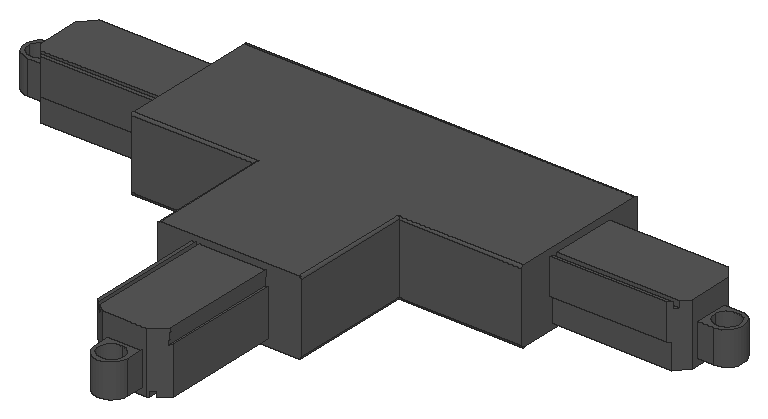
Revit family "Lighting_Other_Nordlux_Link_T-Connector_LeftRight", category Lighting Fixtures, host Face, Revit 2017
Family settings
  Host = Face
  Round Connector Dimension = Use Diameter
  Part Type = Normal
  OmniClass Number = 23.80.70.11.14.21
  OmniClass Title = Spots and Tracklight Specialties
  Cut with Voids When Loaded = No
  Light Source = No
  Shared = No
  Room Calculation Point = No
Parameters (values of type "Link T-connector - black")
  WarrantyStartDate [instance] = "n/a"
  WarrantyGuarantorParts = "n/a"
  WarrantyGuarantorLabor = "n/a"
  WarrantyDurationUnit = "Year"
  WarrantyDurationParts = "n/a"
  WarrantyDurationLabor = "n/a"
  WarrantyDescription = "n/a"
  VersionDate = "30/08/2019"  # constant formula
  Version = "1"  # constant formula
  UsageCurrent = 0 A
  Uniclass2015Reference = "Pr_70_70_48_47"
  Uniclass2015Description = "Lighting tracks"
  Uniclass2 = "Pr_70_70_49_44"
  URL = "https://www.nordlux.com/products/product/86069903"
  Type Comments = ""
  TotalWattage = 660 W
  TagNumber [instance] = "n/a"
  SustainabilityPerformance = "n/a"
  Size = "105x175x18 mm"
  Shape = "Rectangular"
  SerialNumber [instance] = "n/a"
  Revision = "n/a"
  ReplacementCost = "n/a"
  RailMainMaterial = Black
  ProductInformation = "n/a"
  Product data url = "https://www.bimobject.com/nordlux/product/link_t-connector_left-right"
  PhaseReference = "n/a"
  PhaseAngle = 0.00°
  NumberOfSources = 0
  NumberOfPoles = 1
  NominalWidth = 174.9 mm
  NominalVoltage = 230 V
  NominalHeight = 18 mm
  NominalFrequencyRange = 0 Hz
  NominalDepth = 104.6 mm
  NominalCurrent = 0 A
  Name = "Nordlux_Link_T-Connector_LeftRight"
  NBSReference = "90-60-50-430"
  NBSDescription = "Lighting tracks"
  ModelReference = "n/a"
  ModelNumber = ArticleNumber  # "86069903"
  Model = "Link T-connector - black"
  Material = "Plastic"
  ManufacturersSpecificInformation = "n/a"
  ManufacturerURL = "https://www.nordlux.com/"
  ManufacturerName = "Nordlux"
  Manufacturer = "Nordlux"
  MaintenanceFactor = 0
  LightFixturePlacingType = "Ceiling"
  LightFixtureMountingType = "Surface"
  InsulationStandardClass = "Class 1 (Earth contact)"
  InstallationDate [instance] = "n/a"
  IfcExportType = "NOTDEFINED"  # constant formula
  IfcExportAs = "IfcLightFixtureType"  # constant formula
  IP_Code = "IP20"
  HasProtectiveEarth = no
  Grade = "n/a"
  Finish = "n/a"
  Features = "n/a"
  ExpectedLife = "n/a"
  ElectricalDeviceNominalPower = 0 VA
  EAN Number = "5701581402386"
  DurationUnit = "Year"
  Description = ""
  Default Elevation = 0 mm
  ConvergoRefNr = "0143-1909-0040-DK"
  Constituents = "n/a"
  Color = "Black"
  CodePerformance = "n/a"
  Category = "Power strip"
  Brand = "Nordlux"
  Barcode [instance] = "n/a"
  BIMObjectName = "Lighting_Other_Nordlux_Link_T-Connector_LeftRight"
  Author = "Convergo AB"  # constant formula
  AssetType = "Fixed"
  AssetIdentifier [instance] = "n/a"
  Assembly Code = ""
  ArticleNumber = "86069903"
  AccessibilityPerformance = "n/a"
Types (3, lengths in mm): name | URL | RailMainMaterial | ModelNumber | Model | EAN Number | Color | ArticleNumber
  (no name) | "https://www.nordlux.com/products/product/86069903" | Black | "86069903" | "Link T-connector - black" | "5701581402386" | "Black" | "86069903"
  Link T-connector - black | "https://www.nordlux.com/products/product/86069903" | Black | "86069903" | "Link T-connector - black" | "5701581402386" | "Black" | "86069903"
  Link T-connector - white | "https://www.nordlux.com/products/product/86069901" | White | "86069901" | "Link T-connector - white" | "5701581402287" | "White" | "86069901"
Reference planes
  plane 1 "Center (Front/Back)": y = 0
  plane 2: z = 0
  plane 3 "Center (Left/Right)": x = 0
  plane 4: x = -87.45
  plane 5: x = 87.45
  plane 6: y = 52.3
  plane 7: y = -52.3
  plane 8: z = 18
Dimensions and locks
  equal spacing: plane 4, plane 3 "Center (Left/Right)", plane 5
  "NominalWidth": plane 4 to plane 5
  equal spacing: plane 6, plane 1 "Center (Front/Back)", plane 7
  "NominalDepth": plane 6 to plane 7
  "NominalHeight": plane 8 to level
  aligned and locked: plane 2 to host face
  aligned and locked: level to host face
Automatic sketch dimensions
  host sketch curve to host sketch curve = 2438.4 mm  (x2)
Nested families
  nested 1: "T connector" at (0, 0, 0), Main <- "RailMainMaterial", type "T connector"
    with Main Black
Definition of nested family "T connector"
  Parameters (values of type "T connector")
    Main [instance] = none
    Default Elevation = 1219.2 mm
  Reference planes
    plane 1 "Center (Front/Back)": y = 0
    plane 2: z = 0
    plane 3 "Center (Left/Right)": x = 0
    plane 4: z = 18
    plane 5: x = -87.458
    plane 6: x = 87.458
    plane 7: y = 52.3
    plane 8: y = -52.3
  Forms (mm)
    Extrusion 1, solid
      sketch origin (0, 0, 0) x (1, 0, 0) y (0, 1, 0)
        loop
          line (-1219.2, 1219.2) -> (-1219.2, -1219.2) -> (1219.2, -1219.2) -> (1219.2, 1219.2) -> (-1219.2, 1219.2)
      from 0 to -304.8
    Extrusion 2, solid, material <- "Main", detail levels medium+fine
      sketch origin (-10.336, 33.549, 0) x (-1, 0, 0) y (0, -1, 0)
        loop
          line (-86.461, -10.5) -> (-57.834, -10.497) -> (-57.834, 7.997) -> (-86.461, 8) -> (-89.695, 4.146) -> (-89.694, -6.647) -> (-86.461, -10.5)
      from 1.528 to 16.5
    Extrusion 3, solid, material <- "Main", detail levels medium+fine
      sketch origin (-10.336, 33.549, 0) x (-1, 0, 0) y (0, -1, 0)
        loop
          line (-89.694, -5.25) -> (-89.694, 2.75) -> (-93.793, 2.75)
          arc (-93.793, 2.75) -> (-97.792, -1.251) -> (-93.792, -5.25) r 4
          line (-93.792, -5.25) -> (-89.694, -5.25)
        loop
          circle (-93.784, -1.251) r 3.132
      from 3.145 to 11.286
    Extrusion 4, void
      sketch origin (-10.336, 34.849, 0) x (0, 1, 0) y (0, 0, -1)
        loop
          line (8.8, -17) -> (9.863, -17) -> (9.863, -13) -> (8.451, -13) -> (8.8, -17)
        loop
          line (-7.344, -15.034) -> (-8.399, -15.034) -> (-8.399, -17.016) -> (-7.344, -17.016) -> (-7.344, -15.034)
        loop
          line (-8.483, -0.82) -> (-9.957, -0.82) -> (-9.957, -7.78) -> (-8.484, -7.78) -> (-8.483, -0.82)
        loop
          line (6.691, -0.997) -> (5.691, -0.997) -> (5.691, -3.001) -> (6.691, -3.001) -> (6.691, -0.997)
      from -122.051 to 5.256
    Extrusion 5, solid, material <- "Main", detail levels coarse
      sketch origin (0, 34.8, 0) x (1, 0, 0) y (0, 1, 0)
        loop
          line (87.458, 17.5) -> (-87.458, 17.5) -> (-87.458, -87.1) -> (87.458, -87.1) -> (87.458, 17.5)
      from 0 to 18
    Extrusion 6, solid, material <- "Main", detail levels medium+fine
      sketch origin (10.334, 33.549, 0) x (1, 0, 0) y (0, 1, 0)
        loop
          line (-86.461, 10.5) -> (-89.694, 6.647) -> (-89.695, -4.146) -> (-86.461, -8) -> (-57.834, -7.997) -> (-57.834, 10.497) -> (-86.461, 10.5)
      from 1.528 to 16.5
    Extrusion 7, solid, material <- "Main", detail levels medium+fine
      sketch origin (10.334, 33.549, 0) x (1, 0, 0) y (0, 1, 0)
        loop
          line (-89.694, 5.25) -> (-93.792, 5.25)
          arc (-93.792, 5.25) -> (-97.792, 1.251) -> (-93.793, -2.75) r 4
          line (-93.793, -2.75) -> (-89.694, -2.75) -> (-89.694, 5.25)
        loop
          circle (-93.784, 1.251) r 3.132
      from 3.145 to 11.286
    Extrusion 8, void
      sketch origin (10.334, 34.849, 0) x (0, 1, 0) y (0, 0, 1)
        loop
          line (8.8, 17) -> (8.451, 13) -> (9.863, 13) -> (9.863, 17) -> (8.8, 17)
        loop
          line (-7.344, 15.034) -> (-7.344, 17.016) -> (-8.399, 17.016) -> (-8.399, 15.034) -> (-7.344, 15.034)
        loop
          line (-8.483, 0.82) -> (-8.484, 7.78) -> (-9.957, 7.78) -> (-9.957, 0.82) -> (-8.483, 0.82)
        loop
          line (6.691, 0.997) -> (6.691, 3.001) -> (5.691, 3.001) -> (5.691, 0.997) -> (6.691, 0.997)
      from -122.051 to 5.256
    Extrusion 9, solid, material <- "Main", detail levels medium+fine
      sketch origin (0, 34.8, 0) x (0, 1, 0) y (0, 0, 1)
        loop
          line (16.9, 18) -> (-16.9, 18)
          arc (-16.9, 18) -> (-17.324, 17.824) -> (-17.5, 17.4) r 0.6
          line (-17.5, 17.4) -> (-17.5, 0.6)
          arc (-17.5, 0.6) -> (-17.324, 0.176) -> (-16.9, 0) r 0.6
          line (-16.9, 0) -> (16.9, 0)
          arc (16.9, 0) -> (17.324, 0.176) -> (17.5, 0.6) r 0.6
          line (17.5, 0.6) -> (17.5, 17.4)
          arc (17.5, 17.4) -> (17.324, 17.824) -> (16.9, 18) r 0.6
      from -47.5 to 47.5
    Extrusion 10, solid, material <- "Main", detail levels medium+fine
      sketch origin (-1.251, 45.633, 0) x (0, 1, 0) y (-1, 0, 0)
        loop
          line (-86.461, -10.5) -> (-57.834, -10.497) -> (-57.834, 7.997) -> (-86.461, 8) -> (-89.695, 4.146) -> (-89.694, -6.647) -> (-86.461, -10.5)
      from 1.528 to 16.5
    Extrusion 11, solid, material <- "Main", detail levels medium+fine
      sketch origin (-1.251, 45.633, 0) x (0, 1, 0) y (-1, 0, 0)
        loop
          line (-89.694, -5.25) -> (-89.694, 2.75) -> (-93.793, 2.75)
          arc (-93.793, 2.75) -> (-97.792, -1.251) -> (-93.792, -5.25) r 4
          line (-93.792, -5.25) -> (-89.694, -5.25)
        loop
          circle (-93.784, -1.251) r 3.132
      from 3.145 to 11.286
    Extrusion 12, void
      sketch origin (0.049, 45.633, 0) x (1, 0, 0) y (0, 0, -1)
        loop
          line (8.8, -17) -> (9.863, -17) -> (9.863, -13) -> (8.451, -13) -> (8.8, -17)
        loop
          line (-7.344, -15.034) -> (-8.399, -15.034) -> (-8.399, -17.016) -> (-7.344, -17.016) -> (-7.344, -15.034)
        loop
          line (-8.483, -0.82) -> (-9.957, -0.82) -> (-9.957, -7.78) -> (-8.484, -7.78) -> (-8.483, -0.82)
        loop
          line (6.691, -0.997) -> (5.691, -0.997) -> (5.691, -3.001) -> (6.691, -3.001) -> (6.691, -0.997)
      from -122.051 to 5.256
    Extrusion 13, solid, material <- "Main", detail levels medium+fine
      sketch origin (0, 0, 0) x (1, 0, 0) y (0, 0, 1)
        loop
          arc (17.5, 17.4) -> (17.324, 17.824) -> (16.9, 18) r 0.6
          line (16.9, 18) -> (-16.9, 18)
          arc (-16.9, 18) -> (-17.324, 17.824) -> (-17.5, 17.4) r 0.6
          line (-17.5, 17.4) -> (-17.5, 0.6)
          arc (-17.5, 0.6) -> (-17.324, 0.176) -> (-16.9, 0) r 0.6
          line (-16.9, 0) -> (16.9, 0)
          arc (16.9, 0) -> (17.324, 0.176) -> (17.5, 0.6) r 0.6
          line (17.5, 0.6) -> (17.5, 17.4)
      from -29.403 to 12.198
  Cuts and joins
    Extrusion 4, Extrusion 8, Extrusion 12 cuts Extrusion 2
    Extrusion 8 cuts Extrusion 6
    Extrusion 12 cuts Extrusion 10
    joined: Extrusion 9, Extrusion 13
  Lines and regions (mm)
    symbolic lines, detail levels medium+fine
      curve 1: line (47.5, 17.3, 0) -> (47.5, 27.607, 0)
      curve 2: line (77.851, 27.607, 0) -> (79.358, 29.403, 0)
      curve 4: line (79.358, 30.801, 0) -> (83.456, 30.8, 0)
      curve 5: arc (83.456, 30.8, 0) -> (87.457, 34.8, 0) -> (83.457, 38.8, 0) r 4
      curve 6: line (83.457, 38.8, 0) -> (79.359, 38.801, 0)
      curve 8: line (77.766, 42.095, 0) -> (79.359, 40.197, 0)
      curve 9: line (79.359, 38.801, 0) -> (79.359, 40.197, 0)
      curve 10: line (79.358, 30.801, 0) -> (79.358, 29.403, 0)
      curve 12: line (47.5, 42.095, 0) -> (47.5, 52.3, 0)
      curve 13: line (47.5, 27.607, 0) -> (77.851, 27.607, 0)
      curve 14: line (47.5, 42.095, 0) -> (77.766, 42.095, 0)
      curve 15: line (47.5, 52.3, 0) -> (-47.5, 52.3, 0)
      curve 16: line (-47.5, 52.3, 0) -> (-47.5, 17.3, 0)
      curve 17: line (-47.5, 17.3, 0) -> (-17.504, 17.3, 0)
      curve 18: line (0, 17.3, 18) -> (0, -12.201, 18)
      curve 20: line (0, -12.201, 0) -> (0, 17.3, 0)
      curve 21: line (0, -12.201, 18) -> (0, -12.201, 0)
      curve 22: line (-47.5, 0, 18) -> (47.5, 0, 18)
      curve 23: line (-47.5, 0, 0) -> (-47.5, 0, 18)
      curve 24: line (47.5, 0, 0) -> (-47.5, 0, 0)
      curve 25: line (47.5, 0, 18) -> (47.5, 0, 0)
      curve 26: line (-77.852, 27.607, 0) -> (-79.359, 29.403, 0)
      curve 28: line (-79.359, 30.801, 0) -> (-83.458, 30.8, 0)
      curve 29: arc (-83.458, 30.8, 0) -> (-87.458, 34.8, 0) -> (-83.458, 38.8, 0) r 4
      curve 30: line (-83.458, 38.8, 0) -> (-79.36, 38.801, 0)
      curve 32: line (-77.768, 42.095, 0) -> (-79.36, 40.197, 0)
      curve 33: line (-79.36, 38.801, 0) -> (-79.36, 40.197, 0)
      curve 34: line (-79.359, 30.801, 0) -> (-79.359, 29.403, 0)
      curve 36: line (-47.501, 27.607, 0) -> (-77.852, 27.607, 0)
      curve 37: line (-47.501, 42.095, 0) -> (-77.768, 42.095, 0)
      curve 38: line (-17.504, -12.201, 0) -> (-17.504, 17.3, 0)
      curve 39: line (17.504, -12.201, 0) -> (17.504, 17.3, 0)
      curve 40: line (17.504, 17.3, 0) -> (47.5, 17.3, 0)
      curve 41: line (-17.504, -12.201, 0) -> (-7.193, -12.201, 0)
      curve 42: line (-7.193, -42.552, 0) -> (-5.396, -44.059, 0)
      curve 44: line (-3.999, -44.059, 0) -> (-4, -48.157, 0)
      curve 45: arc (-4, -48.157, 0) -> (0, -52.158, 0) -> (4, -48.158, 0) r 4
      curve 46: line (4, -48.158, 0) -> (4.001, -44.06, 0)
      curve 48: line (7.295, -42.467, 0) -> (5.397, -44.06, 0)
      curve 49: line (4.001, -44.06, 0) -> (5.397, -44.06, 0)
      curve 50: line (-3.999, -44.059, 0) -> (-5.396, -44.059, 0)
      curve 52: line (7.295, -12.201, 0) -> (17.504, -12.201, 0)
      curve 53: line (-7.193, -12.201, 0) -> (-7.193, -42.552, 0)
      curve 54: line (7.295, -12.201, 0) -> (7.295, -42.467, 0)
      curve 55: line (0, 17.3, 18) -> (0, 52.3, 18)
      curve 56: line (0, 52.3, 18) -> (0, 52.3, 0)
      curve 57: line (0, 52.3, 0) -> (0, 17.3, 0)
    symbolic lines, detail levels fine
      curve 3: line (79.358, 30.801, 0) -> (79.359, 38.801, 0)
      curve 7: circle (83.448, 34.8, 0) r 3.132 normal (0, 0, -1)
      curve 11: line (47.5, 27.607, 0) -> (47.5, 42.095, 0)
      curve 19: line (0, 17.3, 0) -> (0, 17.3, 18)
      curve 27: line (-79.359, 30.801, 0) -> (-79.36, 38.801, 0)
      curve 31: circle (-83.449, 34.8, 0) r 3.132 normal (0, 0, 1)
      curve 35: line (-47.501, 27.607, 0) -> (-47.501, 42.095, 0)
      curve 43: line (-3.999, -44.059, 0) -> (4.001, -44.06, 0)
      curve 47: circle (0, -48.149, 0) r 3.132 normal (0, 0, -1)
      curve 51: line (-7.193, -12.201, 0) -> (7.295, -12.201, 0)
      curve 58: line (-17.5, 0, 18) -> (-17.5, 0, 0)
      curve 59: line (17.5, 0, 0) -> (17.5, 0, 18)
  Dimensions and locks
    aligned and locked: plane 2 to Extrusion 1
    aligned and locked: level to Extrusion 1
